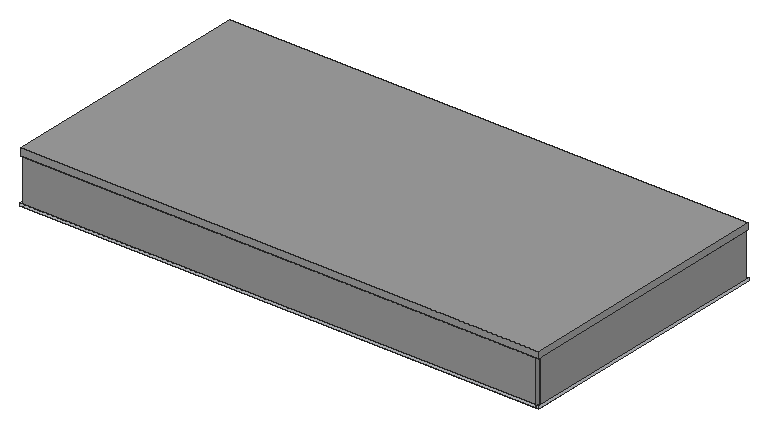
Revit family "ponton", category Generic Models, Revit 2015
Parameters
  waterverplaatsing [instance] = (massa opbouw + eigengewicht_totaal) / 1000  # 250.8
  blijft drijven [instance] = if(afstand tot waterspiegel > 0 mm, "ja", "nee")  # "ja"
  afstand tot waterspiegel [instance] = hoogte - diepte  # 496 mm
  vloerdikte = 250 mm
  verticaal grid [instance] = no
  overstek ponton zuid [instance] = 100 mm
  overstek ponton west [instance] = 100 mm
  overstek ponton oost [instance] = 100 mm
  overstek ponton noord [instance] = 100 mm
  massa opbouw [instance] = 100000
  lengte = 20000 mm
  horizontaal grid [instance] = yes
  hoogte = 2000 mm
  eigengewicht_per_m2_pontonconstructie = 260
  eigengewicht_totaal = (lengte / 1000 mm * 2 * breedte / 1000 mm * eigengewicht_per_m2_pontonconstructie) + (lengte / 1000 mm * 2 * hoogte / 1000 mm * eigengewicht_per_m2_pontonconstructie) + (breedte / 1000 mm * 5 * hoogte / 1000 mm * eigengewicht_per_m2_pontonconstructie)  # 150800
  netto drijfvermogen = ((lengte / 1000 mm * hoogte / 1000 mm * breedte / 1000 mm) * 1000) - eigengewicht_totaal  # 249200
  diepte [instance] = vloerdikte + (waterverplaatsing * 1000 mm * 1000 mm * 1000 mm) / (lengte * breedte)  # 1504 mm
  breedte = 10000 mm
Reference planes
  plane 1 "Center (Front/Back)": y = 0
  plane 2: z = 0
  plane 3 "Center (Left/Right)": x = 0
  plane 4: x = 10000
  plane 5: x = 5000
  plane 6: x = 0
  plane 7: x = -5000
  plane 8: x = -10000
  plane 9: y = 5000
  plane 10: y = -5000
  plane 11: y = 0
  plane 12: z = 246
  plane 13: y = 5100
  plane 14: x = 10100
  plane 15: y = -5100
  plane 16: x = -10100
  plane 17: z = -1504
  plane 18 "vloer_boven": z = 496
Forms (mm)
  Extrusion 1, solid, material "Default"
    sketch origin (0, 0, 496) x (-1, 0, 0) y (0, -1, 0)
      loop
        line (10100, -5100) -> (10100, 5100) -> (-10100, 5100) -> (-10100, -5100) -> (10100, -5100)
    from -250 to 0
  Extrusion 2, solid, material "Concrete, Lightweight, 30"
    sketch origin (12342.469, 0, 246) x (1, 0, 0) y (0, 1, 0)
      loop
        line (-22442.469, 5000) -> (-22442.469, -5000) -> (-22242.469, -5000) -> (-22242.469, 5000) -> (-22342.469, 5000) -> (-22442.469, 5000)
    from -1750 to 0
  Extrusion 3, solid, material "Concrete, Lightweight, 30", visible <- "verticaal grid"
    sketch origin (12342.469, 0, 246) x (1, 0, 0) y (0, 1, 0)
      loop
        line (-17342.469, 5000) -> (-17442.469, 5000) -> (-17442.469, -5000) -> (-17242.469, -5000) -> (-17242.469, 5000) -> (-17342.469, 5000)
    from -1750 to 0
  Extrusion 4, solid, material "Concrete, Lightweight, 30", visible <- "verticaal grid"
    sketch origin (17342.469, 0, 246) x (1, 0, 0) y (0, 1, 0)
      loop
        line (-17342.469, 5000) -> (-17442.469, 5000) -> (-17442.469, -5000) -> (-17242.469, -5000) -> (-17242.469, 5000) -> (-17342.469, 5000)
    from -1750 to 0
  Extrusion 5, solid, material "Concrete, Lightweight, 30", visible <- "verticaal grid"
    sketch origin (22342.469, 0, 246) x (1, 0, 0) y (0, 1, 0)
      loop
        line (-17342.469, 5000) -> (-17442.469, 5000) -> (-17442.469, -5000) -> (-17242.469, -5000) -> (-17242.469, 5000) -> (-17342.469, 5000)
    from -1750 to 0
  Extrusion 6, solid, material "Concrete, Lightweight, 30"
    sketch origin (27342.469, 0, 246) x (1, 0, 0) y (0, 1, 0)
      loop
        line (-17342.469, 5000) -> (-17442.469, 5000) -> (-17442.469, -5000) -> (-17242.469, -5000) -> (-17242.469, 5000) -> (-17342.469, 5000)
    from -1750 to 0
  Extrusion 7, solid, material "Concrete, Lightweight, 30"
    sketch origin (12342.469, 0, 246) x (1, 0, 0) y (0, 1, 0)
      loop
        line (-22342.469, 5100) -> (-22342.469, 4900) -> (-2342.469, 4900) -> (-2342.469, 5100) -> (-22342.469, 5100)
    from -1750 to 0
  Extrusion 8, solid, material "Concrete, Lightweight, 30", visible <- "horizontaal grid"
    sketch origin (12342.469, -5000, 246) x (1, 0, 0) y (0, 1, 0)
      loop
        line (-22342.469, 5100) -> (-22342.469, 4900) -> (-2342.469, 4900) -> (-2342.469, 5100) -> (-22342.469, 5100)
    from -1750 to 0
  Extrusion 9, solid, material "Concrete, Lightweight, 30"
    sketch origin (12342.469, -10000, 246) x (1, 0, 0) y (0, 1, 0)
      loop
        line (-22342.469, 5100) -> (-22342.469, 4900) -> (-2342.469, 4900) -> (-2342.469, 5100) -> (-22342.469, 5100)
    from -1750 to 0
  Extrusion 10, solid
    sketch origin (11000, 0, -1504) x (1, 0, 0) y (0, 1, 0)
      loop
        line (-21100, 5100) -> (-21100, -5100) -> (-900, -5100) -> (-900, 5100) -> (-21100, 5100)
    from 0 to 100
  Extrusion 11, solid, material "Semi-rigid insulation"
    sketch origin (11000, 0, -1504) x (1, 0, 0) y (0, 1, 0)
      loop
        line (-20900, 4900) -> (-20900, -4900) -> (-1100, -4900) -> (-1100, 4900) -> (-20900, 4900)
    from 0 to 1750
Dimensions and locks
  "lengte": plane 8 to plane 4
  equal spacing: plane 8, plane 7, plane 6, plane 5, plane 4
  equal spacing: plane 9, plane 11, plane 10
  "breedte": plane 10 to plane 9
  "overstek ponton noord": plane 13 to plane 9
  "overstek ponton zuid": plane 15 to plane 10
  "overstek ponton west": plane 16 to plane 8
  "overstek ponton oost": plane 4 to plane 14
  "vloerdikte": plane 18 "vloer_boven" to plane 12
  "diepte": level to plane 17
  "hoogte": plane 18 "vloer_boven" to plane 17
  aligned and locked: level to plane 2
  aligned and locked: Extrusion 1 sketch curve to plane 13
  aligned and locked: Extrusion 1 sketch curve to plane 14
  aligned and locked: Extrusion 1 sketch curve to plane 15
  aligned and locked: Extrusion 1 sketch curve to plane 16
  aligned and locked: Extrusion 2 to plane 17
  aligned and locked: plane 9 to Extrusion 2
  aligned and locked: plane 10 to Extrusion 2
  aligned and locked: Extrusion 3 to Extrusion 2
  aligned and locked: Extrusion 3 to Extrusion 1
  aligned and locked: Extrusion 4 to Extrusion 2
  aligned and locked: Extrusion 4 to Extrusion 1
  aligned and locked: Extrusion 5 to plane 17
  aligned and locked: Extrusion 5 to Extrusion 1
  aligned and locked: Extrusion 6 to plane 17
  aligned and locked: Extrusion 6 to Extrusion 1
  aligned and locked: Extrusion 7 to Extrusion 2
  aligned and locked: Extrusion 7 to Extrusion 1
  aligned and locked: Extrusion 2 to Extrusion 8
  aligned and locked: Extrusion 8 to Extrusion 1
  aligned and locked: Extrusion 2 to Extrusion 9
  aligned and locked: Extrusion 9 to Extrusion 1
  aligned and locked: Extrusion 7 to Extrusion 10
  aligned and locked: Extrusion 10 to Extrusion 9
  aligned and locked: Extrusion 6 to Extrusion 10
  aligned and locked: Extrusion 10 to Extrusion 2
  aligned and locked: Extrusion 6 to Extrusion 11 sketch curve
  aligned and locked: Extrusion 2 to Extrusion 11 sketch curve
  aligned and locked: Extrusion 9 to Extrusion 11 sketch curve
  aligned and locked: Extrusion 7 to Extrusion 11 sketch curve
  aligned and locked: Extrusion 11 to Extrusion 1
  aligned and locked: Extrusion 11 to plane 17
  aligned and locked: Extrusion 1 to plane 12
Automatic sketch dimensions
  Extrusion 2 sketch curve to plane 9 = 0 mm
  plane 10 to Extrusion 2 sketch curve = 0 mm
  Extrusion 2 sketch curve to plane 8 = 0 mm
  Extrusion 2 sketch curve to plane 8 = 100 mm
  plane 8 to Extrusion 2 sketch curve = 100 mm
  Extrusion 3 sketch curve to plane 9 = 0 mm
  plane 10 to Extrusion 3 sketch curve = 0 mm
  Extrusion 3 sketch curve to plane 7 = 0 mm
  plane 7 to Extrusion 3 sketch curve = 100 mm
  Extrusion 3 sketch curve to Extrusion 3 sketch curve = 100 mm
  Extrusion 4 sketch curve to plane 9 = 0 mm
  plane 10 to Extrusion 4 sketch curve = 0 mm
  Extrusion 4 sketch curve to plane 3 "Center (Left/Right)" = 0 mm
  Extrusion 4 sketch curve to plane 3 "Center (Left/Right)" = 100 mm
  Extrusion 4 sketch curve to Extrusion 4 sketch curve = 100 mm
  Extrusion 5 sketch curve to plane 9 = 0 mm
  plane 10 to Extrusion 5 sketch curve = 0 mm
  Extrusion 5 sketch curve to plane 5 = 0 mm
  plane 5 to Extrusion 5 sketch curve = 100 mm
  Extrusion 5 sketch curve to Extrusion 5 sketch curve = 100 mm
  Extrusion 6 sketch curve to plane 9 = 0 mm
  plane 10 to Extrusion 6 sketch curve = 0 mm
  Extrusion 6 sketch curve to plane 4 = 0 mm
  Extrusion 6 sketch curve to plane 4 = 100 mm
  Extrusion 6 sketch curve to Extrusion 6 sketch curve = 100 mm
  Extrusion 7 sketch curve to plane 8 = 0 mm
  Extrusion 7 sketch curve to plane 4 = 0 mm
  Extrusion 7 sketch curve to plane 9 = 100 mm
  plane 9 to Extrusion 7 sketch curve = 100 mm
  Extrusion 8 sketch curve to plane 8 = 0 mm
  Extrusion 8 sketch curve to plane 4 = 0 mm
  plane 1 "Center (Front/Back)" to Extrusion 8 sketch curve = 100 mm
  Extrusion 8 sketch curve to plane 1 "Center (Front/Back)" = 100 mm
  Extrusion 9 sketch curve to plane 8 = 0 mm
  Extrusion 9 sketch curve to plane 4 = 0 mm
  plane 10 to Extrusion 9 sketch curve = 100 mm
  Extrusion 9 sketch curve to plane 10 = 100 mm
  Extrusion 10 sketch curve to plane 8 = 100 mm
  plane 4 to Extrusion 10 sketch curve = 100 mm
  plane 10 to Extrusion 10 sketch curve = 100 mm
  plane 9 to Extrusion 10 sketch curve = 100 mm
